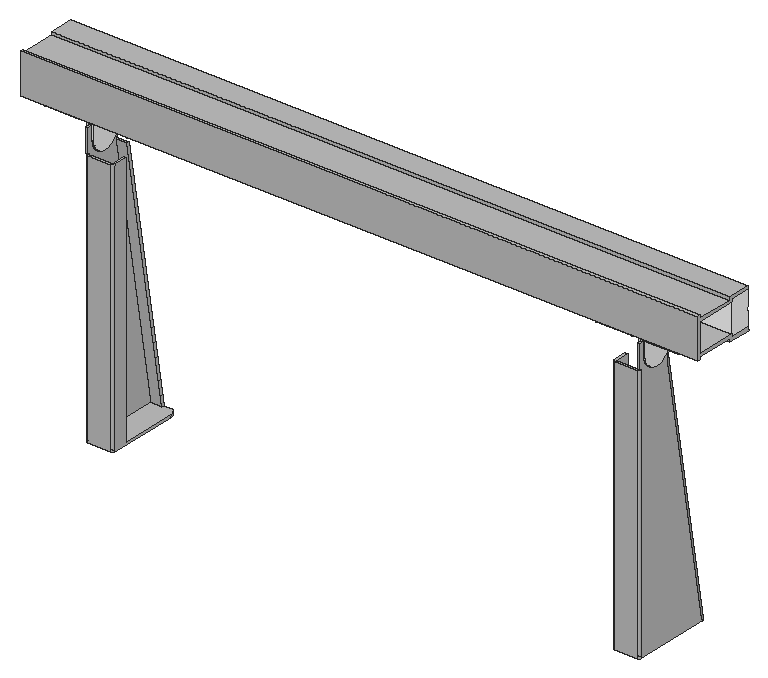
Revit family "4070748+4070746+4070772 Feilo Sylvania Lighting Fixture CURSUS 591MM 385LM WIDE LED 4K with CONTINUOUS WALL HOUSING with 250MM WALL BRACKET", category Lighting Fixtures, host Face, Revit 2017
Family settings
  Host = Face
  Round Connector Dimension = Use Diameter
  Part Type = Normal
  OmniClass Number = 23.80.70.14
  OmniClass Title = Luminaries for External Lighting
  Cut with Voids When Loaded = Yes
  Light Source = No
  Shared = No
  Room Calculation Point = No
Parameters (values of type "4070748 CURSUS 591MM 385LM WIDE LED 4K")
  Weight = "1.2 kg"
  Wattage Comments = "n/a"
  WarrantyStartDate [instance] = "n/a"
  WarrantyGuarantorParts = "n/a"
  WarrantyDurationUnit = "n/a"
  WarrantyDurationParts = "n/a"
  WarrantyDescription = "n/a"
  Voltage = 24 V
  URL = "http://www.sylvania-lighting.com"
  TypeName = "CURSUS 591MM 385LM WIDE LED 4K"
  TypeFixture_FEILO = CURSUS with CONTINUOUS WALL HOUSING : CURSUS 591MM 385LM WIDE LED 4K
  Type Image = <None>
  Type Comments = "n/a"
  TiltAngle [instance] = 0.00°
  StartAngle [instance] = TiltAngle + 270.00°  # 270.00°
  SerialNumber [instance] = "n/a"
  ReflectorMaterial = none
  PowerFactor = 0
  PowerConsumption = "9 W"
  NominalLength = 591 mm
  NominalHeight = 50 mm
  NominalDepth = 30 mm
  Name = "CURSUS 591MM 385LM WIDE LED 4K"
  ModelReference = Name  # "CURSUS 591MM 385LM WIDE LED 4K"
  ModelNumber = "4070748"
  Model = Name  # "CURSUS 591MM 385LM WIDE LED 4K"
  Material = "natural anodised extruded aluminium structure housing"
  ManufacturerName = "Feilo Sylvania"
  Manufacturer = "Feilo Sylvania"
  LuminousEfficacy = "42.77 lm/W"
  LuminaireType = ""
  LightOutputRatio = "100"
  LampsType = Lamp  # "LED"
  LampNominalLuminous = "385 lm"
  LampMacAdamStep = "n/a"
  LampColourTemperature = "4000 K"
  LampColourRenderingIndex = "80"
  Lamp = "LED"
  Keynote = "16500"
  InstallationDate [instance] = "n/a"
  InputVoltage = "24V DC"
  InputNominalFrequency = "n/a"
  IngressProtection = "IP67"
  ImpactProtectionIndex = "IK07"
  IfcExportType = "IfcLightFixtureType"
  IfcExportAs = "IfcLightFixtureType"
  ExpectedLife = 50000
  EndAngle [instance] = StartAngle - 180.00°  # 90.00°
  ElectricShockClassification = "Class III"
  DurationUnit = "hours"
  DocumentationLiterature = "http://www.sylvania-lighting.com/product/en-int/products/4070748"
  DimmingControlOptions = "n/a"
  DiffuserMaterial = Diffuser-Sylvania-Glow
  Description = "LED Exterior Lighting Recessed Surface Mounted Linear Fixture, Natural anodised extruded aluminium structure. Die-cast aluminium end caps. Installation kit with harmonic steel springs., 385 lm, 9W,  42lm/W, 4000K, CRI80+,non dimmable,IP67, IK07, (HxWxD) 591x50x30mm, 3 step Mac Adam Ellipse, 1.2kg,, Classe III, 21-25V-DC, energy class : A++, A+, A"
  Default Elevation = 1219.2 mm
  CreatedOn = "1/8/2018"
  CreatedBy = ""
  Cost = 0
  built-in parameter 1114216 [instance] = (empty or 0)
  ClassificationValue = "EF_70_80"
  ClassificationName = "Uniclass2015"
  BracketWidth = 24 mm
  BracketThickness = 2 mm
  BracketHeightEnd = 32 mm
  BracketHeight = 70 mm
  BracketFlange = BracketHeight / 5  # 14 mm
  BracketExtension = 250 mm
  BracketEndReduction = 25 mm
  BracketC = 22 mm  # constant formula
  BracketDistance = 460 mm
  BracketD = BracketHeightEnd - (BracketC * (BracketHeight - BracketHeightEnd) / (BracketExtension - BracketEndReduction))  # 28.284 mm
  BodyMaterial = Body-Sylvania-Gray
  BarCode [instance] = "n/a"
  AssetType = "Fixed"
  AssetIdentifier [instance] = "n/a"
  Assembly Code = "D5020200"
  Apparent Load = 9 VA
  AccessoryMaterial = Diffuser-Sylvania-Glow
Reference planes
  plane 1 "Center (Front/Back)": y = 0
  plane 2: z = 0
  plane 3 "Center (Left/Right)": x = 0
  plane 4: x = -242
  plane 5: x = 242
  plane 6: y = 70
  plane 7: x = -218
  plane 8: x = 218
  plane 9: z = 250
  plane 10: z = 236
  plane 11: z = 2
  plane 12: z = 225
  plane 13: x = -240
  plane 14: y = 68
  plane 15: y = 2
  plane 16: x = -220
  plane 17: x = 220
  plane 18: x = 240
  plane 19: x = -230
  plane 20: x = 230
  plane 21: y = 14
  plane 22: y = 32
  plane 23: y = 30
  plane 24: z = 247
  plane 25: y = 28.284
  plane 26: y = 16
Forms (mm)
  Blend 1, solid, material "Body-Sylvania-Gray" <- "BodyMaterial"
    base sketch origin (1223.4, -4572, 2) x (0, -1, 0) y (1, 0, 0)
      loop
        line (-4640, -1453.4) -> (-4642, -1453.4) -> (-4642, -1463.4)
        arc (-4642, -1463.4) -> (-4641.414, -1464.814) -> (-4640, -1465.4) r 2
        line (-4640, -1465.4) -> (-4574, -1465.4)
        arc (-4574, -1465.4) -> (-4572.586, -1464.814) -> (-4572, -1463.4) r 2
        line (-4572, -1463.4) -> (-4572, -1443.4)
        arc (-4572, -1443.4) -> (-4572.586, -1441.986) -> (-4574, -1441.4) r 2
        line (-4574, -1441.4) -> (-4586, -1441.4) -> (-4586, -1443.4) -> (-4574, -1443.4) -> (-4574, -1463.4) -> (-4640, -1463.4) -> (-4640, -1453.4)
    top sketch origin (1223.4, -4572, 2) x (0, -1, 0) y (1, 0, 0)
      loop
        line (-4586, -1443.4) -> (-4574, -1443.4) -> (-4574, -1463.4) -> (-4602, -1463.4) -> (-4602, -1453.4) -> (-4604, -1453.4) -> (-4604, -1463.4)
        arc (-4604, -1463.4) -> (-4603.52, -1464.71) -> (-4602.309, -1465.4) r 2.028
        line (-4602.309, -1465.4) -> (-4574, -1465.4)
        arc (-4574, -1465.4) -> (-4572.586, -1464.814) -> (-4572, -1463.4) r 2
        line (-4572, -1463.4) -> (-4572, -1443.4)
        arc (-4572, -1443.4) -> (-4572.586, -1441.986) -> (-4574, -1441.4) r 2
        line (-4574, -1441.4) -> (-4586, -1441.4) -> (-4586, -1443.4)
    from 0 to 223
  Extrusion 2, solid, material "Body-Sylvania-Gray" <- "BodyMaterial"
    sketch origin (0, 0, 0) x (1, 0, 0) y (0, 1, 0)
      loop
        arc (-240, 70) -> (-241.414, 69.414) -> (-242, 68) r 2
        line (-242, 68) -> (-242, 2)
        arc (-242, 2) -> (-241.414, 0.586) -> (-240, 0) r 2
        line (-240, 0) -> (-220, 0)
        arc (-220, 0) -> (-218.586, 0.586) -> (-218, 2) r 2
        line (-218, 2) -> (-218, 62.5)
        arc (-218, 62.5) -> (-220.197, 67.803) -> (-225.5, 70) r 7.5
        line (-225.5, 70) -> (-240, 70)
      loop
        line (240, 70) -> (225.5, 70)
        arc (225.5, 70) -> (220.197, 67.803) -> (218, 62.5) r 7.5
        line (218, 62.5) -> (218, 2)
        arc (218, 2) -> (218.586, 0.586) -> (220, 0) r 2
        line (220, 0) -> (240, 0)
        arc (240, 0) -> (241.414, 0.586) -> (242, 2) r 2
        line (242, 2) -> (242, 68)
        arc (242, 68) -> (241.414, 69.414) -> (240, 70) r 2
    from 0 to 2
  Blend 3, solid, material "Body-Sylvania-Gray" <- "BodyMaterial"
    base sketch origin (1223.4, -4572, 2) x (0, -1, 0) y (1, 0, 0)
      loop
        line (-4640, -983.4) -> (-4574, -983.4) -> (-4574, -1003.4) -> (-4586, -1003.4) -> (-4586, -1005.4) -> (-4574, -1005.4)
        arc (-4574, -1005.4) -> (-4572.586, -1004.814) -> (-4572, -1003.4) r 2
        line (-4572, -1003.4) -> (-4572, -983.4)
        arc (-4572, -983.4) -> (-4572.586, -981.986) -> (-4574, -981.4) r 2
        line (-4574, -981.4) -> (-4640, -981.4)
        arc (-4640, -981.4) -> (-4641.414, -981.986) -> (-4642, -983.4) r 2
        line (-4642, -983.4) -> (-4642, -993.4) -> (-4640, -993.4) -> (-4640, -983.4)
    top sketch origin (1223.4, -4572, 2) x (0, -1, 0) y (1, 0, 0)
      loop
        line (-4602, -993.4) -> (-4602, -983.4) -> (-4574, -983.4) -> (-4574, -1003.4) -> (-4586, -1003.4) -> (-4586, -1005.4) -> (-4574, -1005.4)
        arc (-4574, -1005.4) -> (-4572.586, -1004.814) -> (-4572, -1003.4) r 2
        line (-4572, -1003.4) -> (-4572, -983.4)
        arc (-4572, -983.4) -> (-4572.586, -981.986) -> (-4574, -981.4) r 2
        line (-4574, -981.4) -> (-4602, -981.4)
        arc (-4602, -981.4) -> (-4603.414, -981.986) -> (-4604, -983.4) r 2
        line (-4604, -983.4) -> (-4604, -993.4) -> (-4602, -993.4)
    from 0 to 223
  Blend 4, solid, material "Body-Sylvania-Gray" <- "BodyMaterial"
    base sketch origin (1223.4, -4572, 225) x (0, -1, 0) y (1, 0, 0)
      loop
        line (-4604, -1465.4) -> (-4572, -1465.4) -> (-4572, -1463.4) -> (-4604, -1463.4) -> (-4604, -1465.4)
    top sketch origin (1223.4, -4572, 225) x (0, -1, 0) y (1, 0, 0)
      loop
        line (-4572, -1465.4) -> (-4572, -1463.4) -> (-4600.284, -1463.4) -> (-4600.284, -1465.4) -> (-4572, -1465.4)
    from 0 to 22
  Blend 5, solid, material "Body-Sylvania-Gray" <- "BodyMaterial"
    base sketch origin (1223.4, -4572, 225) x (0, -1, 0) y (1, 0, 0)
      loop
        line (-4604, -983.4) -> (-4572, -983.4) -> (-4572, -981.4) -> (-4604, -981.4) -> (-4604, -983.4)
    top sketch origin (1223.4, -4572, 225) x (0, -1, 0) y (1, 0, 0)
      loop
        line (-4572, -981.4) -> (-4600.284, -981.4) -> (-4600.284, -983.4) -> (-4572, -983.4) -> (-4572, -981.4)
    from 0 to 22
  Extrusion 6, void
    sketch origin (0, 0, 0) x (0, 1, 0) y (0, 0, 1)
      loop
        line (0, 225) -> (2, 225) -> (2, 226.5) -> (0, 226.5) -> (0, 225)
      loop
        line (32, 225) -> (32, 226.5) -> (30, 226.5) -> (30, 225) -> (32, 225)
    from -242 to 242
  Revolve 7, solid, not visible
    sketch origin (1524, 16, 1219.2) x (1, 0, 0) y (0, 0, 1)
      loop
        line (-1524, -972.2) -> (-1524, -983.2) -> (-1294, -983.2) -> (-1294, -972.2) -> (-1524, -972.2)
      axis (-1294, -983.2) -> (-1524, -983.2)
    angle from 270 <- "StartAngle" to 90 <- "EndAngle"
Cuts and joins
  Extrusion 6 cuts Blend 4
  Extrusion 6 cuts Blend 5
  joined: Blend 1, Extrusion 2, Blend 3, Blend 4, Blend 5
Lines and regions (mm)
  reference lines, not visible
    curve 1: line (-218, 16, 236) -> (218, 16, 236)
Dimensions and locks
  equal spacing: plane 4, plane 3 "Center (Left/Right)", plane 5
  "BracketDistance": plane 19 to plane 20
  "BracketHeight": plane 1 "Center (Front/Back)" to plane 6
  equal spacing: plane 7, plane 3 "Center (Left/Right)", plane 8
  "BracketWidth": plane 4 to plane 7
  "BracketExtension": plane 9 to plane 2
  "BracketThickness": plane 11 to plane 2
  "BracketEndReduction": plane 9 to plane 12
  equal spacing: plane 13, plane 3 "Center (Left/Right)", plane 18
  equal spacing: plane 16, plane 3 "Center (Left/Right)", plane 17
  "BracketThickness": plane 4 to plane 13
  "BracketThickness": plane 16 to plane 7
  "BracketThickness": plane 14 to plane 6
  "BracketThickness": plane 1 "Center (Front/Back)" to plane 15
  equal spacing: plane 4, plane 19, plane 7
  equal spacing: plane 8, plane 20, plane 5
  "BracketFlange": plane 1 "Center (Front/Back)" to plane 21
  "BracketHeightEnd": plane 1 "Center (Front/Back)" to plane 22
  "BracketThickness": plane 23 to plane 22
  locked: Extrusion 2 sketch curve to plane 7 at 7.5
  locked: Extrusion 2 sketch curve to plane 6 at 7.5  (x2)
  locked: plane 8 to Extrusion 2 sketch curve at 7.5
  "BracketC": plane 24 to plane 12
  "BracketD": plane 1 "Center (Front/Back)" to plane 25
  locked: plane 12 to Extrusion 6 sketch curve at 1.5
  equal spacing: plane 24, plane 10, plane 12
  equal spacing: plane 1 "Center (Front/Back)", plane 26, plane 22
  aligned and locked: plane 2 to host face
  aligned and locked: level to host face
  aligned and locked: plane 4 to Blend 1 sketch curve  (x2)
  aligned and locked: plane 13 to Blend 1 sketch curve  (x3)
  aligned and locked: Blend 1 sketch curve to plane 15
  aligned and locked: Blend 1 sketch curve to plane 16
  aligned and locked: Blend 1 sketch curve to plane 21
  aligned and locked: plane 7 to Blend 1 sketch curve
  aligned and locked: plane 16 to Blend 1 sketch curve
  aligned and locked: plane 1 "Center (Front/Back)" to Blend 1 sketch curve
  aligned and locked: plane 14 to Blend 1 sketch curve
  aligned and locked: Blend 1 sketch curve to var sketch  (x6)
  aligned and locked: Blend 1 sketch curve to plane 19
  aligned and locked: Blend 1 sketch curve to plane 22
  aligned and locked: plane 23 to Blend 1 sketch curve
  aligned and locked: plane 11 to Blend 1
  aligned and locked: Extrusion 2 sketch curve to Blend 1  (x3)
  aligned and locked: Extrusion 2 to level
  aligned and locked: Extrusion 2 to plane 11
  aligned and locked: Extrusion 2 sketch curve to plane 7
  aligned and locked: plane 18 to Blend 3 sketch curve  (x4)
  aligned and locked: plane 14 to Blend 3 sketch curve  (x2)
  aligned and locked: Blend 3 sketch curve to plane 20
  aligned and locked: Blend 3 sketch curve to plane 6
  aligned and locked: plane 5 to Blend 3 sketch curve
  aligned and locked: plane 1 "Center (Front/Back)" to Blend 3 sketch curve
  aligned and locked: plane 15 to Blend 3 sketch curve  (x2)
  aligned and locked: Blend 3 sketch curve to plane 8
  aligned and locked: Blend 3 sketch curve to plane 21
  aligned and locked: plane 17 to Blend 3 sketch curve
  aligned and locked: Blend 3 sketch curve to plane 18
  aligned and locked: plane 20 to Blend 3 sketch curve  (x2)
  aligned and locked: Blend 3 sketch curve to plane 23
  aligned and locked: Blend 3 sketch curve to var sketch  (x8)
  aligned and locked: var sketch to Blend 3 sketch curve
  aligned and locked: plane 22 to Blend 3 sketch curve
  aligned and locked: plane 11 to Blend 3
  aligned and locked: Extrusion 2 sketch curve to Blend 3  (x4)
  aligned and locked: Blend 1 to plane 12
  aligned and locked: Blend 3 to plane 12
  aligned and locked: Blend 4 sketch curve to plane 22
  aligned and locked: Blend 4 sketch curve to cut or joined group of Blend 1, Extrusion 2, Blend 3, Blend 4, Blend 5, Extrusion 6  (x2)
  aligned and locked: cut or joined group of Blend 1, Extrusion 2, Blend 3, Blend 4, Blend 5, Extrusion 6 to Blend 4 sketch curve
  aligned and locked: Blend 4 sketch curve to var sketch  (x2)
  aligned and locked: Blend 4 sketch curve to plane 13
  aligned and locked: Blend 4 to plane 24
  aligned and locked: Blend 4 sketch curve to plane 25
  aligned and locked: Blend 5 sketch curve to plane 18  (x2)
  aligned and locked: plane 1 "Center (Front/Back)" to Blend 5 sketch curve
  aligned and locked: plane 5 to Blend 5 sketch curve
  aligned and locked: plane 22 to Blend 5 sketch curve
  aligned and locked: Blend 5 sketch curve to var sketch
  aligned and locked: var sketch to Blend 5 sketch curve
  aligned and locked: Blend 5 sketch curve to plane 25
  aligned and locked: Blend 5 to plane 24
  aligned and locked: plane 12 to Blend 5
  aligned and locked: Extrusion 6 sketch curve to cut or joined group of Blend 1, Extrusion 2, Blend 3, Blend 4, Blend 5, Extrusion 6  (x2)
  aligned and locked: Extrusion 6 sketch curve to Extrusion 6 sketch curve
  aligned and locked: Extrusion 6 sketch curve to plane 15
  aligned and locked: plane 5 to Extrusion 6
  aligned and locked: Extrusion 6 to plane 4
  aligned and locked: Extrusion 6 sketch curve to plane 23
  aligned and locked: Revolve 7 sketch curve to plane 10  (x2)
  aligned and locked: plane 24 to Revolve 7 sketch curve
  aligned and locked: plane 3 "Center (Left/Right)" to Revolve 7 sketch curve
  aligned and locked: Revolve 7 sketch curve to plane 20
  aligned and locked: plane 7 to curve 1
  aligned and locked: plane 10 to curve 1
  aligned and locked: nested 1 to plane 5
  aligned and locked: nested 2 to plane 4
  aligned and locked: nested 1 to curve 1
  aligned and locked: nested 2 to curve 1
  aligned and locked: nested 3 to plane 3 "Center (Left/Right)"
  aligned and locked: nested 1 to nested 3
Automatic sketch dimensions
  host sketch curve to host sketch curve = 2438.4 mm  (x2)
  Blend 1 sketch curve to plane 13 = 0 mm
  plane 15 to Blend 1 sketch curve = 0 mm  (x3)
  Blend 1 sketch curve to plane 23 = 0.309 mm
  plane 6 to Blend 1 sketch curve = 0 mm
  plane 14 to Blend 1 sketch curve = 0 mm
  Blend 1 sketch curve to plane 19 = 0 mm
  Blend 3 sketch curve to plane 17 = 0 mm
  Extrusion 6 sketch curve to plane 1 "Center (Front/Back)" = 0 mm
  plane 12 to Extrusion 6 sketch curve = 0 mm
  Revolve 7 sketch curve to plane 4 = 1153 mm
  plane 5 to Revolve 7 sketch curve = 1161.4 mm
  curve 1 to plane 8 = 0 mm
Nested families
  nested 1: "MountingPlate" at (241, 16, 236) x (-1, 0, 0) z (0, 0, 1), type "MountingPlate"
  nested 2: "MountingPlate" at (-241, 16, 236) x (-1, 0, 0) z (0, 0, 1), type "MountingPlate"
  nested 3: "CURSUS with CONTINUOUS WALL HOUSING" at (0, -4, 254) x (-1, 0, 0) z (0, 0, 1), type <- "TypeFixture_FEILO", type "CURSUS 591MM 385LM WIDE LED 4K"
    with WarrantyStartDate "n/a", SerialNumber "n/a", InstallationDate "n/a", EndCapRight no, EndCapLeft no, built-in parameter 1114216 (empty or 0), BarCode "n/a", AssetIdentifier "n/a"
Connectors
  electrical at (0, 0, 0), driven by "Voltage", driven by "Apparent Load", driven by "PowerFactor"
    settings: index 1, voltage 24 V, apparent load 9 VA, apparent load phase1 0 VA, apparent load phase2 0 VA, apparent load phase3 0 VA, power factor 0, load classification "Other", number of poles 1, system type 30, power factor state 1, is connector primary yes, connector utility no, sub classification motor no, connector description ""
Definition of nested family "MountingPlate"
  Parameters (values of type "MountingPlate")
    URL = "http://www.feilosylvania.com"
    Type Comments = "n/a"
    ReflectorMaterial = none
    MountingPlateWidth = 76 mm
    MountingPlateThickness = 2 mm
    MountingPlateRadiusBack = 12 mm
    MountingPlateRadius = 3 mm
    MountingPlateHeight = 35 mm
    Model = "n/a"
    Manufacturer = "Feilo Sylvania"
    Keynote = "n/a"
    DiffuserMaterial = none
    Description = "n/a"
    Default Elevation = 1219.2 mm
    Cost = 0
    BodyMaterial = none
    Assembly Code = "n/a"
    AccessoryMaterial = none
  Reference planes
    plane 1 "Center (Front/Back)": y = 0
    plane 2: z = 0
    plane 3 "Center (Left/Right)": x = 0
    plane 4: x = -38
    plane 5: x = 38
    plane 6: y = 17.5
    plane 7: y = -17.5
    plane 8: x = -3
    plane 9: x = 3
    plane 10: z = 18
    plane 11: z = 16
    plane 12: y = 12.5
    plane 13: y = -12.5
    plane 14: x = -1
    plane 15: x = 1
    plane 16: z = -12.5
    plane 17: z = -14.5
  Forms (mm)
    Extrusion 1, solid
      sketch origin (1.653, 0, 0) x (1, 0, 0) y (0, 1, 0)
        loop
          line (-1219.2, 1219.2) -> (-1219.2, -1219.2) -> (1219.2, -1219.2) -> (1219.2, 1219.2) -> (-1219.2, 1219.2)
      from 0 to -304.8
    Extrusion 2, solid, material <- "BodyMaterial"
      sketch origin (1218.4, -4572, 16) x (0, -1, 0) y (-1, 0, 0)
        loop
          line (-4589.5, 1253.4) -> (-4589.5, 1224.4)
          arc (-4589.5, 1224.4) -> (-4588.621, 1222.279) -> (-4586.5, 1221.4) r 3
          line (-4586.5, 1221.4) -> (-4557.5, 1221.4)
          arc (-4557.5, 1221.4) -> (-4555.379, 1222.279) -> (-4554.5, 1224.4) r 3
          line (-4554.5, 1224.4) -> (-4554.5, 1253.4)
          arc (-4554.5, 1253.4) -> (-4555.379, 1255.521) -> (-4557.5, 1256.4) r 3
          line (-4557.5, 1256.4) -> (-4586.5, 1256.4)
          arc (-4586.5, 1256.4) -> (-4588.621, 1255.521) -> (-4589.5, 1253.4) r 3
        loop
          arc (-4589.5, 1183.4) -> (-4588.621, 1181.279) -> (-4586.5, 1180.4) r 3
          line (-4586.5, 1180.4) -> (-4557.5, 1180.4)
          arc (-4557.5, 1180.4) -> (-4555.379, 1181.279) -> (-4554.5, 1183.4) r 3
          line (-4554.5, 1183.4) -> (-4554.5, 1212.4)
          arc (-4554.5, 1212.4) -> (-4555.379, 1214.521) -> (-4557.5, 1215.4) r 3
          line (-4557.5, 1215.4) -> (-4586.5, 1215.4)
          arc (-4586.5, 1215.4) -> (-4588.621, 1214.521) -> (-4589.5, 1212.4) r 3
          line (-4589.5, 1212.4) -> (-4589.5, 1183.4)
      from 0 to -2
    Extrusion 3, solid, material <- "BodyMaterial"
      sketch origin (0, 0, 0) x (1, 0, 0) y (0, 0, 1)
        loop
          line (-3, 18) -> (-3, -12.5) -> (-1, -12.5) -> (-1, 16)
          arc (-1, 16) -> (-1.586, 17.414) -> (-3, 18) r 2
        loop
          line (3, -12.5) -> (3, 18)
          arc (3, 18) -> (1.586, 17.414) -> (1, 16) r 2
          line (1, 16) -> (1, -12.5) -> (3, -12.5)
      from -12.5 to 12.5
    Extrusion 4, void
      sketch origin (0, 0, 0) x (0, 1, 0) y (0, 0, 1)
        loop
          line (-12.5, -0.5) -> (-17.5, -0.5) -> (-17.5, -14.5) -> (-0.5, -14.5) -> (-0.5, -12.5)
          arc (-0.5, -12.5) -> (-8.985, -8.985) -> (-12.5, -0.5) r 12
        loop
          line (0.5, -12.5) -> (0.5, -14.5) -> (17.5, -14.5) -> (17.5, -0.5) -> (12.5, -0.5)
          arc (12.5, -0.5) -> (8.985, -8.985) -> (0.5, -12.5) r 12
      from -3 to 3
  Cuts and joins
    Extrusion 4 cuts Extrusion 2
    Extrusion 4 cuts Extrusion 3
    joined: Extrusion 2, Extrusion 3
  Lines and regions (mm)
    reference lines
      curve 1: line (-38, 0, 0) -> (38, 0, 0)
  Dimensions and locks
    equal spacing: plane 4, plane 3 "Center (Left/Right)", plane 5
    "MountingPlateWidth": plane 4 to plane 5
    equal spacing: plane 7, plane 1 "Center (Front/Back)", plane 6
    "MountingPlateHeight": plane 7 to plane 6
    equal spacing: plane 8, plane 3 "Center (Left/Right)", plane 9
    "MountingPlateHeight": plane 4 to plane 8
    locked: plane 10 to plane 2 at 18
    "MountingPlateThickness": plane 10 to plane 11
    equal spacing: plane 13, plane 1 "Center (Front/Back)", plane 12
    locked: plane 13 to plane 12 at 25
    "MountingPlateRadius": plane 4 to Extrusion 2 sketch curve  (x2)
    "MountingPlateRadius": Extrusion 2 sketch curve to plane 6  (x4)
    "MountingPlateRadius": Extrusion 2 sketch curve to plane 8  (x2)
    "MountingPlateRadius": plane 7 to Extrusion 2 sketch curve  (x4)
    "MountingPlateRadius": plane 9 to Extrusion 2 sketch curve  (x2)
    "MountingPlateRadius": Extrusion 2 sketch curve to plane 5  (x2)
    equal spacing: plane 15, plane 3 "Center (Left/Right)", plane 14
    "MountingPlateThickness": plane 14 to plane 8
    locked: plane 2 to plane 16 at 12.5
    locked: plane 17 to plane 16 at 2
    "MountingPlateRadiusBack": plane 13 to Extrusion 4 sketch curve
    "MountingPlateRadiusBack": plane 16 to Extrusion 4 sketch curve  (x2)
    "MountingPlateRadiusBack": Extrusion 4 sketch curve to plane 12
    aligned and locked: plane 2 to Extrusion 1
    aligned and locked: level to Extrusion 1
    aligned and locked: Extrusion 2 sketch curve to plane 6
    aligned and locked: Extrusion 2 sketch curve to plane 4
    aligned and locked: plane 7 to Extrusion 2 sketch curve
    aligned and locked: plane 8 to Extrusion 2 sketch curve
    aligned and locked: plane 6 to Extrusion 2 sketch curve
    aligned and locked: Extrusion 2 sketch curve to plane 5
    aligned and locked: Extrusion 2 sketch curve to plane 7
    aligned and locked: plane 9 to Extrusion 2 sketch curve
    aligned and locked: Extrusion 2 to plane 10
    aligned and locked: plane 11 to Extrusion 2
    aligned and locked: Extrusion 3 sketch curve to Extrusion 2  (x2)
    aligned and locked: plane 16 to Extrusion 3 sketch curve  (x2)
    aligned and locked: plane 14 to Extrusion 3 sketch curve
    aligned and locked: plane 9 to Extrusion 3 sketch curve
    aligned and locked: plane 15 to Extrusion 3 sketch curve
    aligned and locked: Extrusion 3 to plane 12
    aligned and locked: plane 13 to Extrusion 3
    aligned and locked: plane 17 to Extrusion 4 sketch curve  (x2)
    aligned and locked: Extrusion 4 sketch curve to plane 7
    aligned and locked: Extrusion 4 sketch curve to plane 6
    aligned and locked: plane 9 to Extrusion 4
    aligned and locked: Extrusion 4 to plane 8
    aligned and locked: plane 4 to curve 1
    aligned and locked: curve 1 to level
  Automatic sketch dimensions
    Extrusion 1 sketch curve to Extrusion 1 sketch curve = 2438.4 mm  (x2)
    Extrusion 3 sketch curve to plane 11 = 0 mm
    curve 1 to plane 5 = 0 mm
    Extrusion 4 sketch curve to plane 13 = 0 mm
    Extrusion 4 sketch curve to plane 12 = 0 mm
Definition of nested family "CURSUS with CONTINUOUS WALL HOUSING"
  Parameters (values of type "CURSUS 1161MM 827LM OVAL LED 3K")
    Width_FEILO = 35 mm
    Weight = "2.2 kg"
    Wattage Comments = "n/a"
    Wattage = 18 W
    WarrantyStartDate [instance] = "n/a"
    WarrantyGuarantorParts = "n/a"
    WarrantyDurationUnit = "n/a"
    WarrantyDurationParts = "n/a"
    WarrantyDescription = "n/a"
    WallThickness_FEILO = 2.5 mm
    built-in parameter 1150110 = 1 (stored number, unit not read)
    Voltage = 24 V
    URL = "http://www.feilosylvania.com"
    TypeName = "CURSUS 1161MM 827LM OVAL LED 3K"
    Type Image = (empty or 0)
    Type Comments = "n/a"
    built-in parameter 1114217 = 1 (stored number, unit not read)
    Tilt Angle = -90.00°
    built-in parameter 1150109 = 1 (stored number, unit not read)
    built-in parameter 1150134 = (empty or 0)
    built-in parameter 1150113 = 1 (stored number, unit not read)
    SerialNumber [instance] = "n/a"
    ReflectorMaterial = none
    PowerFactor = 0
    PowerConsumption = "18 W"
    Photometric Web File = "4070765.ies"
    NominalLength = 1161 mm
    NominalHeight = 50 mm
    NominalDepth = 30 mm
    Name = "CURSUS 1161MM 827LM OVAL LED 3K"
    ModelReference = Name  # "CURSUS 1161MM 827LM OVAL LED 3K"
    ModelNumber = ""
    Model = Name  # "CURSUS 1161MM 827LM OVAL LED 3K"
    Material = "natural anodised extruded aluminium structure housing, optical system with pmma lenses diffuser"
    ManufacturerName = "Feilo Sylvania"
    Manufacturer = "Feilo Sylvania"
    LuminousEfficacy = "45.94 lm/W"
    built-in parameter 1150105 = 65.811 (stored number, unit not read)
    Lumens = 827 lm
    LuminaireType = ""
    built-in parameter 1150115 = 1 (stored number, unit not read)
    LightOutputRatio = "100"
    built-in parameter 1150137 = (empty or 0)
    built-in parameter 1150139 = (empty or 0)
    Length_FEILO = 1167 mm
    LampsType = Lamp  # "LED"
    LampNominalLuminous = "827 lm"
    LampMacAdamStep = "n/a"
    LampColourTemperature = "3000 K"
    LampColourRenderingIndex = "80"
    built-in parameter 1150112 = 1 (stored number, unit not read)
    built-in parameter 1150114 = 1 (stored number, unit not read)
    Lamp = "LED"
    Keynote = "16500"
    InstallationDate [instance] = "n/a"
    InputVoltage = "24V DC"
    InputNominalFrequency = "n/a"
    built-in parameter 1150132 = (empty or 0)
    built-in parameter 1150102 = (empty or 0)
    built-in parameter 1150107 = 3000 (stored number, unit not read)
    built-in parameter 1150138 = (empty or 0)
    IngressProtection = "IP67"
    ImpactProtectionIndex = "IK07"
    built-in parameter 1150106 = 0.65811 (stored number, unit not read)
    IfcExportType = "IfcLightFixtureType"
    IfcExportAs = "IfcLightFixtureType"
    ExpectedLife = 50000
    EndCapRight [instance] = no
    EndCapLeft [instance] = no
    Emit from Rectangle Width = Width_FEILO - WallThickness_FEILO * 2  # 30 mm
    Emit from Rectangle Length = Length_FEILO - WallThickness_FEILO * 2  # 1162 mm
    Emit Shape Visible in Rendering = no
    ElectricShockClassification = "Class III"
    built-in parameter 1150104 = 4.2684 (stored number, unit not read)
    DurationUnit = "hours"
    DocumentationLiterature = "http://www.feilosylvania.com/product/en-int/products/4070765"
    DimmingControlOptions = "n/a"
    Dimming Lamp Color Temperature Shift = (empty or 0)
    DiffuserMaterial = none
    Description = "LED Exterior Lighting Recessed Surface Mounted Linear Fixture, Natural anodised extruded aluminium structure. Die-cast aluminium end caps. Installation kit with harmonic steel springs., 827 lm, 18W, 45lm/W, 3000K, CRI80+,non dimmable,IP67, IK07, (HxWxD) 1161x50x30mm, 3 step Mac Adam Ellipse, 2.2kg,, Classe III, 21-25V-DC, energy class : A++, A+, A"
    Default Elevation = 1219.2 mm
    CreatedOn = "1/8/2018"
    CreatedBy = "aron.fodor@feilosylvania.com"
    Cost = 0
    Color Filter = 16777215
    built-in parameter 1114216 [instance] = (empty or 0)
    ClassificationValue = "EF_70_80"
    ClassificationName = "Uniclass2015"
    BodyMaterial = none
    BarCode [instance] = "n/a"
    built-in parameter 1114218 = 1 (stored number, unit not read)
    built-in parameter 1150133 = 10 (stored number, unit not read)
    AssetType = "Fixed"
    AssetIdentifier [instance] = "n/a"
    Assembly Code = "D5020200"
    Apparent Load = 18 VA
    AccessoryMaterial = none
  Types (16, lengths in mm): name | Weight | Wattage | Voltage | TypeName | built-in parameter 1150134 | PowerConsumption | Photometric Web File | NominalLength | Name | ModelReference | Model | Material | LuminousEfficacy | built-in parameter 1150105 | Lumens | Length_FEILO | LampNominalLuminous | LampColourTemperature | InputVoltage | InputNominalFrequency | built-in parameter 1150107 | built-in parameter 1150106 | Emit from Rectangle Length | built-in parameter 1150104 | DocumentationLiterature | Description | Apparent Load
    CURSUS 1161MM 827LM OVAL LED 3K | "2.2 kg" | 18 W | 24 V | "CURSUS 1161MM 827LM OVAL LED 3K" | (empty or 0) | "18 W" | "4070765.ies" | 1161 | "CURSUS 1161MM 827LM OVAL LED 3K" | "CURSUS 1161MM 827LM OVAL LED 3K" | "CURSUS 1161MM 827LM OVAL LED 3K" | "natural anodised extruded aluminium structure housing, optical system with pmma lenses diffuser" | "45.94 lm/W" | 65.811 (stored number, unit not read) | 827 lm | 1167 | "827 lm" | "3000 K" | "24V DC" | "n/a" | 3000 (stored number, unit not read) | 0.65811 (stored number, unit not read) | 1162 | 4.2684 (stored number, unit not read) | "http://www.feilosylvania.com/product/en-int/products/4070765" | "LED Exterior Lighting Recessed Surface Mounted Linear Fixture, Natural anodised extruded aluminium structure. Die-cast aluminium end caps. Installation kit with harmonic steel springs., 827 lm, 18W, 45lm/W, 3000K, CRI80+,non dimmable,IP67, IK07, (HxWxD) 1161x50x30mm, 3 step Mac Adam Ellipse, 2.2kg,, Classe III, 21-25V-DC, energy class : A++, A+, A" | 18 VA
    CURSUS 1161MM 731LM WIDE LED 3K | "2.2 kg" | 18 W | 230 V | "CURSUS 1161MM 731LM WIDE LED 3K" | (empty or 0) | "18 W" | "4070764.ies" | 1161 | "CURSUS 1161MM 731LM WIDE LED 3K" | "CURSUS 1161MM 731LM WIDE LED 3K" | "CURSUS 1161MM 731LM WIDE LED 3K" | "natural anodised extruded aluminium structure housing" | "40.61 lm/W" | 58.171 (stored number, unit not read) | 731 lm | 1167 | "731 lm" | "3000 K" | "220-240V~" | "n/a" | 3000 (stored number, unit not read) | 0.58171 (stored number, unit not read) | 1162 | 3.7729 (stored number, unit not read) | "http://www.feilosylvania.com/product/en-int/products/4070764" | "LED Exterior Lighting Recessed Surface Mounted Linear Fixture, Natural anodised extruded aluminium structure. Die-cast aluminium end caps. Installation kit with harmonic steel springs., 731 lm, 18W, 40lm/W, 3000K, CRI80+,non dimmable,IP67, IK07, (HxWxD) 1161x50x30mm, 3 step Mac Adam Ellipse, 2.2kg,, Classe III, 21-25V-DC, energy class : A++, A+, A" | 18 VA
    CURSUS 1161MM 871LM OVAL LED 4K | "2.2 kg" | 18 W | 24 V | "CURSUS 1161MM 871LM OVAL LED 4K" | 12 | "18 W" | "4070763.ies" | 1161 | "CURSUS 1161MM 871LM OVAL LED 4K" | "CURSUS 1161MM 871LM OVAL LED 4K" | "CURSUS 1161MM 871LM OVAL LED 4K" | "natural anodised extruded aluminium structure housing, optical system with pmma lenses diffuser" | "48.38 lm/W" | 69.312 (stored number, unit not read) | 871 lm | 1167 | "871 lm" | "4000 K" | "24V DC" | "50/60 Hz" | 4000 (stored number, unit not read) | 0.69312 (stored number, unit not read) | 1162 | 4.4955 (stored number, unit not read) | "http://www.feilosylvania.com/product/en-int/products/4070763" | "LED Exterior Lighting Recessed Surface Mounted Linear Fixture, Natural anodised extruded aluminium structure. Die-cast aluminium end caps. Installation kit with harmonic steel springs., 871 lm, 18W,  48lm/W, 4000K, CRI80+,non dimmable,IP67, IK07, (HxWxD) 1161x50x30mm, 3 step Mac Adam Ellipse, 2.2kg,, Classe III, 21-25V-DC, energy class : A++, A+, A" | 18 VA
    CURSUS 1161MM 770LM WIDE LED 4K | "2.2 kg" | 18 W | 230 V | "CURSUS 1161MM 770LM WIDE LED 4K" | 12 | "18 W" | "4070762.ies" | 1161 | "CURSUS 1161MM 770LM WIDE LED 4K" | "CURSUS 1161MM 770LM WIDE LED 4K" | "CURSUS 1161MM 770LM WIDE LED 4K" | "natural anodised extruded aluminium structure housing" | "42.77 lm/W" | 61.275 (stored number, unit not read) | 770 lm | 1167 | "770 lm" | "4000 K" | "220-240V~" | "n/a" | 4000 (stored number, unit not read) | 0.61275 (stored number, unit not read) | 1162 | 3.9742 (stored number, unit not read) | "http://www.feilosylvania.com/product/en-int/products/4070762" | "LED Exterior Lighting Recessed Surface Mounted Linear Fixture, Natural anodised extruded aluminium structure. Die-cast aluminium end caps. Installation kit with harmonic steel springs., 770 lm, 18W,  42lm/W, 4000K, CRI80+,non dimmable,IP67, IK07, (HxWxD) 1161x50x30mm, 3 step Mac Adam Ellipse, 2.2kg,, Classe III, 21-25V-DC, energy class : A++, A+, A" | 18 VA
    CURSUS 876MM 620LM OVAL LED 3K | "1.7 kg" | 13.5 W | 24 V | "CURSUS 876MM 620LM OVAL LED 3K" | (empty or 0) | "13.5 W" | "4070758.ies" | 876 | "CURSUS 876MM 620LM OVAL LED 3K" | "CURSUS 876MM 620LM OVAL LED 3K" | "CURSUS 876MM 620LM OVAL LED 3K" | "natural anodised extruded aluminium structure housing, optical system with pmma lenses diffuser" | "45.92 lm/W" | 49.338 (stored number, unit not read) | 620 lm | 882 | "620 lm" | "3000 K" | "24V DC" | "50/60 Hz" | 3000 (stored number, unit not read) | 0.49338 (stored number, unit not read) | 877 | 4.2667 (stored number, unit not read) | "http://www.feilosylvania.com/product/en-int/products/4070758" | "LED Exterior Lighting Recessed Surface Mounted Linear Fixture, Natural anodised extruded aluminium structure. Die-cast aluminium end caps. Installation kit with harmonic steel springs., 620 lm, 13,5W, 45lm/W, 3000K, CRI80+,non dimmable,IP67, IK07, (HxWxD) 876x50x30mm, 3 step Mac Adam Ellipse, 1.7kg,, Classe III, 21-25V-DC, energy class : A++, A+, A" | 13.5 VA
    CURSUS 876MM 548LM WIDE LED 3K | "1.7 kg" | 13.5 W | 24 V | "CURSUS 876MM 548LM WIDE LED 3K" | (empty or 0) | "13.5 W" | "4070757.ies" | 876 | "CURSUS 876MM 548LM WIDE LED 3K" | "CURSUS 876MM 548LM WIDE LED 3K" | "CURSUS 876MM 548LM WIDE LED 3K" | "natural anodised extruded aluminium structure housing" | "40.59 lm/W" | 43.608 (stored number, unit not read) | 548 lm | 882 | "548 lm" | "3000 K" | "24V DC" | "n/a" | 3000 (stored number, unit not read) | 0.43608 (stored number, unit not read) | 877 | 3.7712 (stored number, unit not read) | "http://www.feilosylvania.com/product/en-int/products/4070757" | "LED Exterior Lighting Recessed Surface Mounted Linear Fixture, Natural anodised extruded aluminium structure. Die-cast aluminium end caps. Installation kit with harmonic steel springs., 548 lm, 13,5W, 40lm/W, 3000K, CRI80+,non dimmable,IP67, IK07, (HxWxD) 876x50x30mm, 3 step Mac Adam Ellipse, 1.7kg,, Classe III, 21-25V-DC, energy class : A++, A+, A" | 13.5 VA
    CURSUS 876MM 653LM OVAL LED 4K | "1.7 kg" | 13.5 W | 24 V | "CURSUS 876MM 653LM OVAL LED 4K" | 12 | "13.5 W" | "4070756.ies" | 876 | "CURSUS 876MM 653LM OVAL LED 4K" | "CURSUS 876MM 653LM OVAL LED 4K" | "CURSUS 876MM 653LM OVAL LED 4K" | "natural anodised extruded aluminium structure housing, optical system with pmma lenses diffuser" | "48.37 lm/W" | 51.964 (stored number, unit not read) | 653 lm | 882 | "653 lm" | "4000 K" | "24V DC" | "n/a" | 4000 (stored number, unit not read) | 0.51964 (stored number, unit not read) | 877 | 4.4938 (stored number, unit not read) | "http://www.feilosylvania.com/product/en-int/products/4070756" | "LED Exterior Lighting Recessed Surface Mounted Linear Fixture, Natural anodised extruded aluminium structure. Die-cast aluminium end caps. Installation kit with harmonic steel springs., 653 lm, 13,5W,  48lm/W, 4000K, CRI80+,non dimmable,IP67, IK07, (HxWxD) 876x50x30mm, 3 step Mac Adam Ellipse, 1.7kg,, Classe III, 21-25V-DC, energy class : A++, A+, A" | 13.5 VA
    CURSUS 876MM 577LM WIDE LED 4K | "1.7 kg" | 13.5 W | 24 V | "CURSUS 876MM 577LM WIDE LED 4K" | 12 | "13.5 W" | "4070755.ies" | 876 | "CURSUS 876MM 577LM WIDE LED 4K" | "CURSUS 876MM 577LM WIDE LED 4K" | "CURSUS 876MM 577LM WIDE LED 4K" | "natural anodised extruded aluminium structure housing" | "42.74 lm/W" | 45.916 (stored number, unit not read) | 577 lm | 882 | "577 lm" | "4000 K" | "24V DC" | "n/a" | 4000 (stored number, unit not read) | 0.45916 (stored number, unit not read) | 877 | 3.9707 (stored number, unit not read) | "http://www.feilosylvania.com/product/en-int/products/4070755" | "LED Exterior Lighting Recessed Surface Mounted Linear Fixture, Natural anodised extruded aluminium structure. Die-cast aluminium end caps. Installation kit with harmonic steel springs., 577 lm, 13,5W,  42lm/W, 4000K, CRI80+,non dimmable,IP67, IK07, (HxWxD) 876x50x30mm, 3 step Mac Adam Ellipse, 1.7kg,, Classe III, 21-25V-DC, energy class : A++, A+, A" | 13.5 VA
    CURSUS 591MM 414LM OVAL LED 3K | "1.2 kg" | 9 W | 24 V | "CURSUS 591MM 414LM OVAL LED 3K" | (empty or 0) | "9 W" | "4070751.ies" | 591 | "CURSUS 591MM 414LM OVAL LED 3K" | "CURSUS 591MM 414LM OVAL LED 3K" | "CURSUS 591MM 414LM OVAL LED 3K" | "natural anodised extruded aluminium structure housing, optical system with pmma lenses diffuser" | "46 lm/W" | 32.945 (stored number, unit not read) | 414 lm | 597 | "414 lm" | "3000 K" | "24V DC" | "n/a" | 3000 (stored number, unit not read) | 0.32945 (stored number, unit not read) | 592 | 4.2735 (stored number, unit not read) | "http://www.feilosylvania.com/product/en-int/products/4070751" | "LED Exterior Lighting Recessed Surface Mounted Linear Fixture, Natural anodised extruded aluminium structure. Die-cast aluminium end caps. Installation kit with harmonic steel springs., 414 lm, 9W, 46lm/W, 3000K, CRI80+,non dimmable,IP67, IK07, (HxWxD) 591x50x30mm, 3 step Mac Adam Ellipse, 1.2kg,, Classe III, 21-25V-DC, energy class : A++, A+, A" | 9 VA
    CURSUS 591MM 365LM WIDE LED 3K | "1.2 kg" | 9 W | 24 V | "CURSUS 591MM 365LM WIDE LED 3K" | (empty or 0) | "9 W" | "4070750.ies" | 591 | "CURSUS 591MM 365LM WIDE LED 3K" | "CURSUS 591MM 365LM WIDE LED 3K" | "CURSUS 591MM 365LM WIDE LED 3K" | "natural anodised extruded aluminium structure housing" | "40.55 lm/W" | 29.046 (stored number, unit not read) | 365 lm | 597 | "365 lm" | "3000 K" | "24V DC" | "n/a" | 3000 (stored number, unit not read) | 0.29046 (stored number, unit not read) | 592 | 3.7677 (stored number, unit not read) | "http://www.feilosylvania.com/product/en-int/products/4070750" | "LED Exterior Lighting Recessed Surface Mounted Linear Fixture, Natural anodised extruded aluminium structure. Die-cast aluminium end caps. Installation kit with harmonic steel springs., 365 lm, 9W, 40lm/W, 3000K, CRI80+,non dimmable,IP67, IK07, (HxWxD) 591x50x30mm, 3 step Mac Adam Ellipse, 1.2kg,, Classe III, 21-25V-DC, energy class : A++, A+, A" | 9 VA
    CURSUS 591MM 435LM OVAL LED 4K | "1.2 kg" | 9 W | 24 V | "CURSUS 591MM 435LM OVAL LED 4K" | 12 | "9 W" | "4070749.ies" | 591 | "CURSUS 591MM 435LM OVAL LED 4K" | "CURSUS 591MM 435LM OVAL LED 4K" | "CURSUS 591MM 435LM OVAL LED 4K" | "natural anodised extruded aluminium structure housing, optical system with pmma lenses diffuser" | "48.33 lm/W" | 34.616 (stored number, unit not read) | 435 lm | 597 | "435 lm" | "4000 K" | "24V DC" | "n/a" | 4000 (stored number, unit not read) | 0.34616 (stored number, unit not read) | 592 | 4.4903 (stored number, unit not read) | "http://www.feilosylvania.com/product/en-int/products/4070749" | "LED Exterior Lighting Recessed Surface Mounted Linear Fixture, Natural anodised extruded aluminium structure. Die-cast aluminium end caps. Installation kit with harmonic steel springs., 435 lm, 9W, 48lm/W, 4000K, CRI80+,non dimmable,IP67, IK07, (HxWxD) 591x50x30mm, 3 step Mac Adam Ellipse, 1.2kg,, Classe III, 21-25V-DC, energy class : A++, A+, A" | 9 VA
    CURSUS 591MM 385LM WIDE LED 4K | "1.2 kg" | 9 W | 24 V | "CURSUS 591MM 385LM WIDE LED 4K" | 12 | "9 W" | "4070748.ies" | 591 | "CURSUS 591MM 385LM WIDE LED 4K" | "CURSUS 591MM 385LM WIDE LED 4K" | "CURSUS 591MM 385LM WIDE LED 4K" | "natural anodised extruded aluminium structure housing" | "42.77 lm/W" | 30.637 (stored number, unit not read) | 385 lm | 597 | "385 lm" | "4000 K" | "24V DC" | "n/a" | 4000 (stored number, unit not read) | 0.30637 (stored number, unit not read) | 592 | 3.9742 (stored number, unit not read) | "http://www.feilosylvania.com/product/en-int/products/4070748" | "LED Exterior Lighting Recessed Surface Mounted Linear Fixture, Natural anodised extruded aluminium structure. Die-cast aluminium end caps. Installation kit with harmonic steel springs., 385 lm, 9W,  42lm/W, 4000K, CRI80+,non dimmable,IP67, IK07, (HxWxD) 591x50x30mm, 3 step Mac Adam Ellipse, 1.2kg,, Classe III, 21-25V-DC, energy class : A++, A+, A" | 9 VA
    CURSUS 306MM 207LM OVAL LED3K | "0.6 kg" | 4.5 W | 24 V | "CURSUS 306MM 207LM OVAL LED3K" | (empty or 0) | "4.5 W" | "4070744.ies" | 306 | "CURSUS 306MM 207LM OVAL LED3K" | "CURSUS 306MM 207LM OVAL LED3K" | "CURSUS 306MM 207LM OVAL LED3K" | "natural anodised extruded aluminium structure housing, optical system with pmma lenses diffuser" | "46 lm/W" | 16.473 (stored number, unit not read) | 207 lm | 312 | "207 lm" | "3000 K" | "24V DC" | "n/a" | 3000 (stored number, unit not read) | 0.16473 (stored number, unit not read) | 307 | 4.2735 (stored number, unit not read) | "http://www.feilosylvania.com/product/en-int/products/4070744" | "LED Exterior Lighting Recessed Surface Mounted Linear Fixture, Natural anodised extruded aluminium structure. Die-cast aluminium end caps. Installation kit with harmonic steel springs., 207 lm, 4,5W, 46lm/W, 3000K, CRI80+,non dimmable,IP67, IK07, (HxWxD) 306x50x30mm, 3 step Mac Adam Ellipse, 0.6kg,, Classe III, 21-25V-DC, energy class : A++, A+, A" | 4.5 VA
    CURSUS 306MM 183LM WIDE LED 3K | "0.6 kg" | 4.5 W | 24 V | "CURSUS 306MM 183LM WIDE LED 3K" | (empty or 0) | "4.5 W" | "4070743.ies" | 306 | "CURSUS 306MM 183LM WIDE LED 3K" | "CURSUS 306MM 183LM WIDE LED 3K" | "CURSUS 306MM 183LM WIDE LED 3K" | "natural anodised extruded aluminium structure housing" | "40.66 lm/W" | 14.563 (stored number, unit not read) | 183 lm | 312 | "183 lm" | "3000 K" | "24V DC" | "n/a" | 3000 (stored number, unit not read) | 0.14563 (stored number, unit not read) | 307 | 3.7781 (stored number, unit not read) | "http://www.feilosylvania.com/product/en-int/products/4070743" | "LED Exterior Lighting Recessed Surface Mounted Linear Fixture, Natural anodised extruded aluminium structure. Die-cast aluminium end caps. Installation kit with harmonic steel springs., 183 lm, 4,5W, 40lm/W, 3000K, CRI80+,non dimmable,IP67, IK07, (HxWxD) 306x50x30mm, 3 step Mac Adam Ellipse, 0.6kg,, Classe III, 21-25V-DC, energy class : A++, A+, A" | 4.5 VA
    CURSUS 306MM 218LM OVAL LED 4K | "0.6 kg" | 4.5 W | 24 V | "CURSUS 306MM 218LM OVAL LED 4K" | 12 | "4.5 W" | "4070742.ies" | 306 | "CURSUS 306MM 218LM OVAL LED 4K" | "CURSUS 306MM 218LM OVAL LED 4K" | "CURSUS 306MM 218LM OVAL LED 4K" | "natural anodised extruded aluminium structure housing, optical system with pmma lenses diffuser" | "48.44 lm/W" | 17.348 (stored number, unit not read) | 218 lm | 312 | "218 lm" | "4000 K" | "24V DC" | "n/a" | 4000 (stored number, unit not read) | 0.17348 (stored number, unit not read) | 307 | 4.5006 (stored number, unit not read) | "http://www.feilosylvania.com/product/en-int/products/4070742" | "LED Exterior Lighting Recessed Surface Mounted Linear Fixture, Natural anodised extruded aluminium structure. Die-cast aluminium end caps. Installation kit with harmonic steel springs., 218 lm, 4,5W,  48lm/W, 4000K, CRI80+,non dimmable,IP67, IK07, (HxWxD) 306x50x30mm, 3 step Mac Adam Ellipse, 0.6kg,, Classe III, 21-25V-DC, energy class : A++, A+, A" | 4.5 VA
    CURSUS 306MM 192LM WIDE LED 4K | "0.6 kg" | 4.5 W | 24 V | "CURSUS 306MM 192LM WIDE LED 4K" | 12 | "4.5 W" | "4070741.ies" | 306 | "CURSUS 306MM 192LM WIDE LED 4K" | "CURSUS 306MM 192LM WIDE LED 4K" | "CURSUS 306MM 192LM WIDE LED 4K" | "natural anodised extruded aluminium structure housing" | "42.66 lm/W" | 15.279 (stored number, unit not read) | 192 lm | 312 | "192 lm" | "4000 K" | "24V DC" | "n/a" | 4000 (stored number, unit not read) | 0.15279 (stored number, unit not read) | 307 | 3.9639 (stored number, unit not read) | "http://www.feilosylvania.com/product/en-int/products/4070741" | "LED Exterior Lighting Recessed Surface Mounted Linear Fixture, Natural anodised extruded aluminium structure. Die-cast aluminium end caps. Installation kit with harmonic steel springs., 192 lm, 4,5W,  42lm/W, 4000K, CRI80+,non dimmable,IP67, IK07, (HxWxD) 306x50x30mm, 3 step Mac Adam Ellipse, 0.6kg,, Classe III, 21-25V-DC, energy class : A++, A+, A" | 4.5 VA
  Reference planes
    plane 1 "Center (Front/Back)": y = 0
    plane 2: z = 0
    plane 3 "Center (Left/Right)": x = 0
    plane 4: x = 583.5
    plane 5: x = -583.5
    plane 6: x = -581
    plane 7: x = 581
    plane 8: z = 35
    plane 9: z = 17.5
    plane 10: z = 32.5
    plane 11: z = 2.5
    plane 12: z = 30
    plane 13: z = 5
    plane 14: y = -55
    plane 15: y = -53
    plane 16: y = -2.5
    plane 17: y = -37
    plane 18: y = -34.5
  Forms (mm)
    Extrusion 1, solid
      sketch origin (4.2, 0, 0) x (1, 0, 0) y (0, 1, 0)
        loop
          line (-1219.2, 1219.2) -> (-1219.2, -1219.2) -> (1219.2, -1219.2) -> (1219.2, 1219.2) -> (-1219.2, 1219.2)
      from 0 to -304.8
    Extrusion 2, solid, material <- "BodyMaterial"
      sketch origin (0, 0, 0) x (0, 1, 0) y (0, 0, 1)
        loop
          line (0, 35) -> (-2.5, 35) -> (-2.5, 32.5) -> (-34.5, 32.5) -> (-34.5, 35) -> (-55, 35) -> (-55, 32.5) -> (-37, 32.5) -> (-37, 30) -> (-2.5, 30) -> (-2.5, 5) -> (-37, 5) -> (-37, 2.5) -> (-55, 2.5) -> (-55, 0) -> (-34.5, 0) -> (-34.5, 2.5) -> (-2.5, 2.5) -> (-2.5, 0) -> (0, 0) -> (0, 35)
      from -581 to 581
    Extrusion 3, solid, material <- "DiffuserMaterial"
      sketch origin (0, 0, 0) x (0, 1, 0) y (0, 0, 1)
        loop
          line (-37, 32.5) -> (-55, 32.5) -> (-55, 19.5) -> (-53, 17.5) -> (-55, 15.5) -> (-55, 2.5) -> (-37, 2.5) -> (-37, 32.5)
      from -581 to 581
    Extrusion 4, solid, material <- "BodyMaterial", visible <- "EndCapRight"
      sketch origin (581, 1524, 1219.2) x (0, 1, 0) y (0, 0, 1)
        loop
          line (-1579, -1184.2) -> (-1579, -1219.2) -> (-1524, -1219.2) -> (-1524, -1184.2) -> (-1579, -1184.2)
      from 0 to 2.5
    Extrusion 5, solid, material <- "BodyMaterial", visible <- "EndCapLeft"
      sketch origin (-581, 1524, 1219.2) x (0, 1, 0) y (0, 0, 1)
        loop
          line (-1579, -1184.2) -> (-1579, -1219.2) -> (-1524, -1219.2) -> (-1524, -1184.2) -> (-1579, -1184.2)
      from -2.5 to 0
  Dimensions and locks
    equal spacing: plane 5, plane 3 "Center (Left/Right)", plane 4
    "Length_FEILO": plane 5 to plane 4
    equal spacing: plane 6, plane 3 "Center (Left/Right)", plane 7
    "WallThickness_FEILO": plane 5 to plane 6
    locked: plane 9 to plane 2 at 17.5
    locked: plane 8 to plane 2 at 35
    equal spacing: plane 11, plane 9, plane 10
    equal spacing: plane 13, plane 9, plane 12
    "WallThickness_FEILO": plane 12 to plane 10
    locked: plane 14 to plane 15 at 2
    locked: plane 14 to plane 17 at 18
    "WallThickness_FEILO": plane 17 to plane 18
    "WallThickness_FEILO": plane 16 to plane 1 "Center (Front/Back)"
    locked: plane 15 to Extrusion 3 sketch curve (angle 45.00°)
    locked: Extrusion 3 sketch curve to plane 15 (angle 45.00°)
    aligned and locked: plane 2 to Extrusion 1
    aligned and locked: level to Extrusion 1
    aligned and locked: plane 1 "Center (Front/Back)" to Extrusion 2 sketch curve
    aligned and locked: Extrusion 2 sketch curve to plane 8  (x2)
    aligned and locked: plane 16 to Extrusion 2 sketch curve
    aligned and locked: Extrusion 1 to Extrusion 2 sketch curve
    aligned and locked: Extrusion 2 sketch curve to plane 16  (x2)
    aligned and locked: Extrusion 2 sketch curve to plane 11
    aligned and locked: plane 18 to Extrusion 2 sketch curve
    aligned and locked: level to Extrusion 2 sketch curve
    aligned and locked: plane 11 to Extrusion 2 sketch curve
    aligned and locked: Extrusion 2 sketch curve to plane 17
    aligned and locked: plane 13 to Extrusion 2 sketch curve
    aligned and locked: Extrusion 2 sketch curve to plane 12
    aligned and locked: plane 10 to Extrusion 2 sketch curve  (x2)
    aligned and locked: plane 17 to Extrusion 2 sketch curve  (x2)
    aligned and locked: plane 12 to Extrusion 2 sketch curve
    aligned and locked: Extrusion 2 sketch curve to plane 10
    aligned and locked: Extrusion 2 sketch curve to plane 18
    aligned and locked: plane 7 to Extrusion 2
    aligned and locked: Extrusion 2 to plane 6
    aligned and locked: Extrusion 3 sketch curve to Extrusion 2  (x4)
    aligned and locked: Extrusion 2 to Extrusion 3 sketch curve
    aligned and locked: plane 9 to Extrusion 3 sketch curve
    aligned and locked: plane 7 to Extrusion 3
    aligned and locked: Extrusion 3 to plane 6
    aligned and locked: Extrusion 4 sketch curve to Extrusion 2  (x4)
    aligned and locked: plane 4 to Extrusion 4
    aligned and locked: Extrusion 4 to plane 7
    aligned and locked: Extrusion 5 sketch curve to Extrusion 4  (x3)
    aligned and locked: Extrusion 5 sketch curve to Extrusion 2
    aligned and locked: Extrusion 5 to plane 5
    aligned and locked: plane 6 to Extrusion 5
    aligned and locked: plane 14 to imposter light
    aligned and locked: imposter light to plane 9
    aligned and locked: plane 3 "Center (Left/Right)" to imposter light
  Automatic sketch dimensions
    Extrusion 1 sketch curve to Extrusion 1 sketch curve = 2438.4 mm  (x2)
    Extrusion 2 sketch curve to plane 14 = 0 mm  (x2)
    Extrusion 3 sketch curve to plane 15 = 0 mm
  Connectors
    electrical at (0, 0, 0), driven by "Apparent Load", driven by "PowerFactor", driven by "Voltage"
      settings: index 1, voltage 24 V, apparent load 18 VA, apparent load phase1 0 VA, apparent load phase2 0 VA, apparent load phase3 0 VA, power factor 0, load classification none, number of poles 1, system type 30, power factor state 1, is connector primary yes, connector utility no, sub classification motor no, connector description ""
